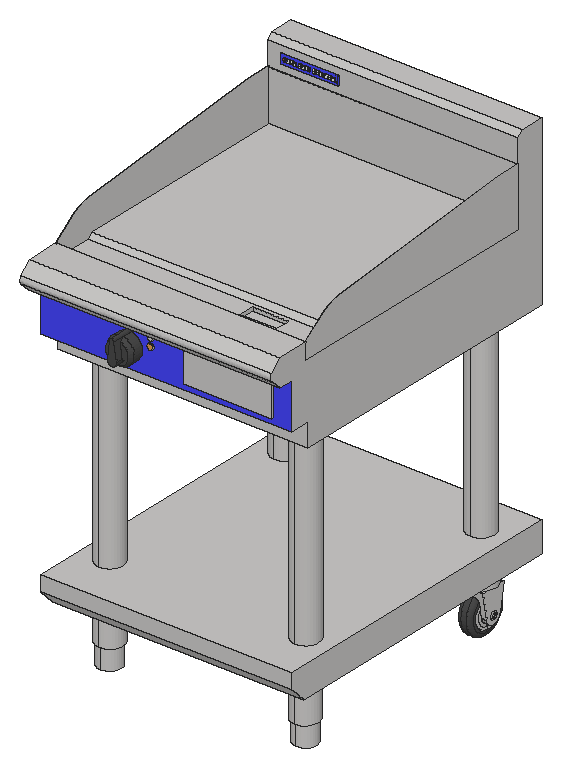
Revit family "QF_MOFFAT_BLUESEAL_CE_EP514-LS", category Specialty Equipment, Revit 2012
Parameters
  Weight in Pounds = 259  # constant formula
  Width [instance] = 600 mm  # constant formula
  Watts = 7200 W
  Volts = 230 V
  URL Cutsheet = "www.moffat.com"
  URL = "www.moffat.com"
  Type Mark [instance] = ""
  Status [instance] = ""
  Specification by User [instance] = ""
  Specification by Manufacturer = ""
  Show Logo [instance] = yes
  Show Casters [instance] = yes
  Serial Number = ""
  Seismic Rating = ""
  SMACNA No = ""
  Revision Code [instance] = ""
  Phase = 1
  Omniclass Number and Title = ""
  Number of Poles = 1
  NAFEM Spec ID Number = ""
  Model = "EP514-LS"
  Min Ckt Ampacity = 0 A
  Max Overcurrent Protection = 0 A
  Masterspec = ""
  Manufacturer = "MOFFAT BLUESEAL"
  Legs [instance] = no
  Item Number [instance] = ""
  Installed By [instance] = ""
  Identify Quantity as Lot [instance] = yes
  Height = 970 mm  # constant formula
  HP = ""
  Furnished By [instance] = ""
  Foodservice Equipment Identifier [instance] = yes
  FL Amps = 30 A
  Elec Conn RI Height = 0 mm
  Elec Conn Connection Height = 0 mm
  Description = "600MM ELECTRIC GRIDDLE PLATE ON LEG STAND"
  Depth [instance] = 812 mm  # constant formula
  Cycle = 50 Hz
  Conn Plug = ""
  Conn Conduit = yes
  CSI MasterFormat = ""
  CSI Master Format = ""
  Back Splash [instance] = 215 mm  # constant formula
  Apparent Power = if(Phase = 3, Volts * FL Amps * 1.73, Volts * FL Amps)  # 6900 VA
Reference planes
  plane 1 "BACK": y = 0
  plane 2: z = 0
  plane 3 "LEFT": x = 0
  plane 4 "RIGHT": x = 600
  plane 5 "FRONT": y = -812
  plane 6 "TOP": z = 970
  plane 7 "Center Y": x = 300
  plane 8 "Center X": y = -406
  plane 9 "Base Height": z = 150
  plane 10: z = 915
  plane 11: x = 65
  plane 12: x = 534
  plane 13: y = -625
  plane 14: y = -100
  plane 15: x = 470
  plane 16: z = 710
  plane 17: y = -32
  plane 18: z = 1085
  plane 19: z = 740
Forms (mm)
  Extrusion 1, solid, material "QF_Finishes_Stainless Steel"
    sketch origin (0, 0, 0) x (0, 1, 0) y (0, 0, 1)
      loop
        line (0, 222.5) -> (-749, 222.5) -> (-749, 186) -> (-713, 150) -> (0, 150) -> (0, 222.5)
      loop
        line (0, 685) -> (0, 1085) -> (-57.5, 1085) -> (-70, 1072.5) -> (-70, 875) -> (-705, 875) -> (-705, 915) -> (-783.97, 915) -> (-808.485, 890.485)
        arc (-808.485, 890.485) -> (-811.999, 882) -> (-808.485, 873.515) r 12
        line (-808.485, 873.515) -> (-784.97, 850) -> (-749, 850) -> (-749, 740) -> (-699, 740) -> (-699, 685) -> (0, 685)
    from 0 to 600
  Revolve 2, solid, material "QF_Finishes_Stainless Steel", visible <- "Legs"
    sketch origin (534, -210, 0) x (0, 1, 0) y (0, 0, -1)
      loop
        line (78.25, -150) -> (110, -150) -> (110, 0) -> (82.5, 0) -> (82.5, -50) -> (78.25, -50) -> (78.25, -150)
      axis (110, -150) -> (110, 0)
    angle from 0 to 360
  Revolve 3, solid, material "QF_Finishes_Stainless Steel"
    sketch origin (534, -735, 0) x (0, 1, 0) y (0, 0, -1)
      loop
        line (78.25, -150) -> (110, -150) -> (110, 0) -> (82.5, 0) -> (82.5, -50) -> (78.25, -50) -> (78.25, -150)
      axis (110, -150) -> (110, 0)
    angle from 0 to 360
  Revolve 4, solid, material "QF_Finishes_Stainless Steel", visible <- "Legs"
    sketch origin (65, -210, 0) x (0, 1, 0) y (0, 0, -1)
      loop
        line (78.25, -150) -> (110, -150) -> (110, 0) -> (82.5, 0) -> (82.5, -50) -> (78.25, -50) -> (78.25, -150)
      axis (110, -150) -> (110, 0)
    angle from 0 to 360
  Revolve 5, solid, material "QF_Finishes_Stainless Steel"
    sketch origin (65, -735, 0) x (0, 1, 0) y (0, 0, -1)
      loop
        line (78.25, -150) -> (110, -150) -> (110, 0) -> (82.5, 0) -> (82.5, -50) -> (78.25, -50) -> (78.25, -150)
      axis (110, -150) -> (110, 0)
    angle from 0 to 360
  Revolve 6, solid, material "QF_Finishes_Black"
    sketch origin (217.5, 7, 597.8) x (0, 1, 0) y (0, 0, -1)
      loop
        line (-789, -229.5) -> (-766, -229.5) -> (-766, -202) -> (-756, -202) -> (-756, -197) -> (-800, -197) -> (-800, -223.651) -> (-789, -229.5)
      axis (-800, -197) -> (-756, -197)
    angle from 0 to 360
  Extrusion 7, solid, material "QF_Finishes_Black"
    sketch origin (355.77, 0, 597.958) x (-1, 0, 0) y (0, 0, -1)
      loop
        line (127.85, -186.037) -> (133.271, -228.955)
        arc (133.271, -228.955) -> (138.27, -233.842) -> (143.268, -228.955) r 5
        line (143.268, -228.955) -> (148.757, -184.87)
        arc (148.757, -184.87) -> (137.685, -174.371) -> (127.85, -186.037) r 10.487
    from 759 to 808
  Extrusion 8, solid, material "QF_Finishes_Stainless Steel"
    sketch origin (0, -749, 866) x (0, 0, -1) y (1, 0, 0)
      loop
        line (25.201, 345) -> (112.1, 345) -> (112.1, 555) -> (25.201, 555) -> (25.201, 345)
    from 0 to 2.5
  Extrusion 9, solid, material "QF_Finishes_Stainless Steel"
    sketch origin (0, -751.5, 866) x (0, 0, -1) y (1, 0, 0)
      loop
        line (32.201, 555) -> (25.201, 555) -> (25.201, 345) -> (32.201, 345) -> (32.201, 555)
    from 0 to 5
  Extrusion 10, void
    sketch origin (0, -756, 740) x (1, 0, 0) y (0, -1, 0)
      loop
        circle (469.998, -724) r 10
    from 0 to 86.329
  Extrusion 11, solid, material "QF_Finishes_Stainless Steel"
    sketch origin (0, -749, 850) x (0, 0, -1) y (1, 0, 0)
      loop
        circle (45.2, 262.505) r 7.15
    from 0 to 1
  Extrusion 12, solid, material "QF_Finishes_Stainless Steel"
    sketch origin (0, 0, 222.5) x (0, -1, 0) y (1, 0, 0)
      loop
        circle (100, 65) r 31.75
      loop
        circle (625, 65) r 31.75
      loop
        circle (100, 535) r 31.75
      loop
        circle (625, 535) r 31.75
    from 0 to 462.5
  Revolve 13, solid, material "QF_Finishes_Stainless Steel", visible <- "Legs"
    sketch origin (65.5, -166, 0) x (0, 1, 0) y (0, 0, 1)
      loop
        line (34.25, 150) -> (34.25, 50) -> (38.5, 50) -> (38.5, 0) -> (66, 0) -> (66, 150) -> (34.25, 150)
      axis (66, 150) -> (66, 0)
    angle from 0 to 360
  Revolve 14, solid, material "QF_Finishes_Stainless Steel", visible <- "Legs"
    sketch origin (534.5, -166, 0) x (0, 1, 0) y (0, 0, -1)
      loop
        line (34.25, -150) -> (66, -150) -> (66, 0) -> (38.5, 0) -> (38.5, -50) -> (34.25, -50) -> (34.25, -150)
      axis (66, -150) -> (66, 0)
    angle from 0 to 360
  Revolve 15, solid, material "QF_Finishes_Stainless Steel", visible <- "Show Casters"
    sketch origin (16.276, -100.755, -13.653) x (1, 0, 0) y (0, 0, 1)
      loop
        line (14.841, 63.604) -> (83.584, 63.604) -> (83.584, 67.109) -> (82.314, 68.379) -> (80.79, 68.379) -> (80.79, 71.826) -> (68.644, 71.826) -> (68.644, 81.79) -> (65.088, 83.843) -> (63.738, 92.179) -> (65.881, 92.179) -> (65.881, 98.529) -> (65.088, 98.529) -> (65.088, 104.879)
        arc (65.088, 104.879) -> (62.298, 111.614) -> (55.563, 114.404) r 9.525
        line (55.563, 114.404) -> (42.863, 114.404)
        arc (42.863, 114.404) -> (36.127, 111.614) -> (33.338, 104.879) r 9.525
        line (33.338, 104.879) -> (33.338, 98.529) -> (32.544, 98.529) -> (32.544, 92.179) -> (34.687, 92.179) -> (33.352, 83.932) -> (29.782, 81.871) -> (29.782, 71.826) -> (17.635, 71.826) -> (17.635, 68.379) -> (16.111, 68.379) -> (14.841, 67.109) -> (14.841, 63.604)
      axis (14.841, 63.604) -> (83.584, 63.604)
    angle from 0 to 360
  Extrusion 16, solid, material "QF_Finishes_Stainless Steel", visible <- "Show Casters"
    sketch origin (72.001, 132.353, -8.783) x (0, 1, 0) y (0, 0, 1)
      loop
        line (-200.603, 118.783) -> (-264.103, 118.783) -> (-251.746, 53.895)
        arc (-251.746, 53.895) -> (-232.353, 38.783) -> (-212.959, 53.895) r 20
        line (-212.959, 53.895) -> (-200.603, 118.783)
    from -35.667 to 22.923
  Revolve 17, solid, material "QF_Finishes_Stainless Steel", visible <- "Show Casters"
    sketch origin (65.5, -204, 0) x (0, 1, 0) y (0, 0, 1)
      loop
        line (68.25, 150) -> (68.25, 110) -> (104, 110) -> (104, 150) -> (68.25, 150)
      axis (104, 150) -> (104, 110)
    angle from 0 to 360
  Revolve 18, solid, material "QF_Finishes_Stainless Steel", visible <- "Legs"
    sketch origin (65.5, -166, 0) x (0, 1, 0) y (0, 0, 1)
      loop
        line (34.25, 150) -> (34.25, 50) -> (38.5, 50) -> (38.5, 0) -> (66, 0) -> (66, 150) -> (34.25, 150)
      axis (66, 150) -> (66, 0)
    angle from 0 to 360
  Revolve 19, solid, material "QF_Finishes_Stainless Steel", visible <- "Show Casters"
    sketch origin (485.276, -100.755, -13.653) x (1, 0, 0) y (0, 0, 1)
      loop
        line (14.841, 63.604) -> (83.584, 63.604) -> (83.584, 67.109) -> (82.314, 68.379) -> (80.79, 68.379) -> (80.79, 71.826) -> (68.644, 71.826) -> (68.644, 81.79) -> (65.088, 83.843) -> (63.738, 92.179) -> (65.881, 92.179) -> (65.881, 98.529) -> (65.088, 98.529) -> (65.088, 104.879)
        arc (65.088, 104.879) -> (62.298, 111.614) -> (55.563, 114.404) r 9.525
        line (55.563, 114.404) -> (42.863, 114.404)
        arc (42.863, 114.404) -> (36.127, 111.614) -> (33.338, 104.879) r 9.525
        line (33.338, 104.879) -> (33.338, 98.529) -> (32.544, 98.529) -> (32.544, 92.179) -> (34.687, 92.179) -> (33.352, 83.932) -> (29.782, 81.871) -> (29.782, 71.826) -> (17.635, 71.826) -> (17.635, 68.379) -> (16.111, 68.379) -> (14.841, 67.109) -> (14.841, 63.604)
      axis (14.841, 63.604) -> (83.584, 63.604)
    angle from 0 to 360
  Extrusion 20, solid, material "QF_Finishes_Stainless Steel", visible <- "Show Casters"
    sketch origin (541.001, 132.353, -8.783) x (0, 1, 0) y (0, 0, 1)
      loop
        line (-200.603, 118.783) -> (-264.103, 118.783) -> (-251.746, 53.895)
        arc (-251.746, 53.895) -> (-232.353, 38.783) -> (-212.959, 53.895) r 20
        line (-212.959, 53.895) -> (-200.603, 118.783)
    from -35.667 to 22.923
  Revolve 21, solid, material "QF_Finishes_Stainless Steel", visible <- "Show Casters"
    sketch origin (534.5, -204, 0) x (0, 1, 0) y (0, 0, 1)
      loop
        line (68.25, 150) -> (68.25, 110) -> (104, 110) -> (104, 150) -> (68.25, 150)
      axis (104, 150) -> (104, 110)
    angle from 0 to 360
  Extrusion 22, solid, material "QF_Finishes_Stainless Steel"
    sketch origin (0, -749, 850) x (0, 0, -1) y (1, 0, 0)
      loop
        circle (25.2, 262.505) r 7.15
    from 0 to 1
Cuts and joins
  joined: Extrusion 8, Extrusion 9
  Extrusion 10 cuts Extrusion 1
Lines and regions (mm)
  Split face 1
    outline origin (340, -751.5, 753.9) x (1, 0, 0) y (0, 0, 1)
      loop
        arc (117, 69) -> (121, 73) -> (117, 77) r 4
        line (117, 77) -> (103, 77)
        arc (103, 77) -> (99, 73) -> (103, 69) r 4
        line (103, 69) -> (117, 69)
  Split face 2
    outline origin (600, 0, 1085) x (-1, 0, 0) y (0, -1, 0)
      loop
        arc (324, 45.385) -> (315.34, 40.385) -> (315.34, 30.385) r 10
        line (315.34, 30.385) -> (319.381, 23.385)
        arc (319.381, 23.385) -> (323.041, 19.725) -> (328.041, 18.385) r 10
        line (328.041, 18.385) -> (556, 18.385)
        arc (556, 18.385) -> (564.66, 23.385) -> (564.66, 33.385) r 10
        line (564.66, 33.385) -> (560.619, 40.385)
        arc (560.619, 40.385) -> (556.959, 44.045) -> (551.959, 45.385) r 10
        line (551.959, 45.385) -> (324, 45.385)
  Split face 3
    outline origin (600, 0, 1085) x (-1, 0, 0) y (0, -1, 0)
      loop
        arc (34, 45.385) -> (25.34, 40.385) -> (25.34, 30.385) r 10
        line (25.34, 30.385) -> (29.381, 23.385)
        arc (29.381, 23.385) -> (33.041, 19.725) -> (38.041, 18.385) r 10
        line (38.041, 18.385) -> (266, 18.385)
        arc (266, 18.385) -> (274.66, 23.385) -> (274.66, 33.385) r 10
        line (274.66, 33.385) -> (270.619, 40.385)
        arc (270.619, 40.385) -> (266.959, 44.045) -> (261.959, 45.385) r 10
        line (261.959, 45.385) -> (34, 45.385)
  symbolic lines
    curve 1: line (0, 0, 0) -> (0, -812, 0)
    curve 2: line (600, 0, 0) -> (0, 0, 0)
    curve 3: line (600, -812, 0) -> (600, 0, 0)
    curve 4: line (0, -70, 0) -> (600, -70, 0)
    curve 5: line (0, -812, 0) -> (600, -812, 0)
    curve 14: line (0, -57.5, 0) -> (600, -57.5, 0)
    curve 15: line (0, -783.97, 0) -> (600, -783.97, 0)
    curve 16: line (334, -18.385, 0) -> (561.959, -18.385, 0)
    curve 17: arc (561.959, -18.385, 0) -> (566.959, -19.725, 0) -> (570.619, -23.385, 0) r 10
    curve 18: line (570.619, -23.385, 0) -> (574.66, -30.385, 0)
    curve 19: arc (574.66, -30.385, 0) -> (574.66, -40.385, 0) -> (566, -45.385, 0) r 10
    curve 20: line (566, -45.385, 0) -> (338.041, -45.385, 0)
    curve 21: arc (338.041, -45.385, 0) -> (333.041, -44.045, 0) -> (329.381, -40.385, 0) r 10
    curve 22: line (329.381, -40.385, 0) -> (325.34, -33.385, 0)
    curve 23: arc (325.34, -33.385, 0) -> (325.34, -23.385, 0) -> (334, -18.385, 0) r 10
    curve 24: line (44, -18.385, 0) -> (271.959, -18.385, 0)
    curve 25: arc (271.959, -18.385, 0) -> (276.959, -19.725, 0) -> (280.619, -23.385, 0) r 10
    curve 26: line (280.619, -23.385, 0) -> (284.66, -30.385, 0)
    curve 27: arc (284.66, -30.385, 0) -> (284.66, -40.385, 0) -> (276, -45.385, 0) r 10
    curve 28: line (276, -45.385, 0) -> (48.041, -45.385, 0)
    curve 29: arc (48.041, -45.385, 0) -> (43.041, -44.045, 0) -> (39.381, -40.385, 0) r 10
    curve 30: line (39.381, -40.385, 0) -> (35.34, -33.385, 0)
    curve 31: arc (35.34, -33.385, 0) -> (35.34, -23.385, 0) -> (44, -18.385, 0) r 10
  symbolic lines, style "SpecialityEquipmentHiddenLines", visible <- "Show Casters"
    curve 6: line (78.456, -46.735, 0) -> (105.952, -62.61, 0)
    curve 7: line (27.656, -134.723, 0) -> (78.456, -46.735, 0)
    curve 8: line (55.152, -150.598, 0) -> (27.656, -134.723, 0)
    curve 9: line (105.952, -62.61, 0) -> (55.152, -150.598, 0)
    curve 10: line (548.456, -46.735, 0) -> (575.952, -62.61, 0)
    curve 11: line (497.656, -134.723, 0) -> (548.456, -46.735, 0)
    curve 12: line (525.152, -150.598, 0) -> (497.656, -134.723, 0)
    curve 13: line (575.952, -62.61, 0) -> (525.152, -150.598, 0)
Dimensions and locks
  equal spacing: plane 3 "LEFT", plane 7 "Center Y", plane 4 "RIGHT"
  "Width": plane 3 "LEFT" to plane 4 "RIGHT"
  equal spacing: plane 5 "FRONT", plane 8 "Center X", plane 1 "BACK"
  "Depth": plane 5 "FRONT" to plane 1 "BACK"
  locked: plane 10 to level at 915
  locked: plane 9 "Base Height" to level at 150
  plane 6 "TOP" to plane 10 = 55 mm
  plane 13 to plane 14 = 525 mm
  plane 12 to plane 11 = 469 mm
  plane 15 to plane 4 "RIGHT" = 130 mm
  plane 16 to level = 710 mm
  plane 17 to plane 1 "BACK" = 32 mm
  plane 18 to plane 2 = 1085 mm
  Revolve 15 sketch curve to Revolve 15 sketch curve = 50.8 mm
  Revolve 19 sketch curve to Revolve 19 sketch curve = 50.8 mm
  Extrusion 10 sketch curve to plane 1 "BACK" = 32 mm
  plane 19 to plane 2 = 740 mm
  aligned and locked: level to plane 2
Automatic sketch dimensions
  plane 1 "BACK" to curve 1 = 0 mm
  curve 1 to plane 3 "LEFT" = 0 mm
  curve 3 to plane 4 "RIGHT" = 0 mm
  plane 5 "FRONT" to curve 5 = 0 mm
  Extrusion 1 sketch curve to plane 1 "BACK" = 0 mm  (x2)
  Extrusion 1 sketch curve to Extrusion 1 sketch curve = 72.5 mm
  Extrusion 1 sketch curve to plane 10 = 230 mm
  Revolve 2 sketch curve to plane 9 "Base Height" = 0 mm
  Revolve 2 sketch curve to level = 0 mm
  Revolve 2 sketch curve to plane 14 = 0 mm  (x2)
  Revolve 2 sketch curve to plane 14 = 27.5 mm
  Revolve 2 sketch curve to plane 14 = 31.75 mm
  level to Revolve 2 sketch curve = 50 mm
  Revolve 2 sketch curve to Revolve 2 sketch curve = 0 mm
  Revolve 2 sketch curve to Revolve 2 sketch curve = 55 mm
  Revolve 3 sketch curve to plane 9 "Base Height" = 0 mm
  Revolve 3 sketch curve to level = 0 mm
  Revolve 3 sketch curve to plane 13 = 0 mm  (x2)
  Revolve 3 sketch curve to plane 13 = 27.5 mm
  Revolve 3 sketch curve to plane 13 = 31.75 mm
  level to Revolve 3 sketch curve = 50 mm
  Revolve 3 sketch curve to Revolve 3 sketch curve = 0 mm
  Revolve 3 sketch curve to Revolve 3 sketch curve = 55 mm
  Revolve 4 sketch curve to plane 9 "Base Height" = 0 mm
  Revolve 4 sketch curve to level = 0 mm
  Revolve 4 sketch curve to plane 14 = 0 mm  (x2)
  Revolve 4 sketch curve to plane 14 = 27.5 mm
  Revolve 4 sketch curve to plane 14 = 31.75 mm
  level to Revolve 4 sketch curve = 50 mm
  Revolve 4 sketch curve to Revolve 4 sketch curve = 0 mm
  Revolve 4 sketch curve to Revolve 4 sketch curve = 55 mm
  Revolve 5 sketch curve to plane 9 "Base Height" = 0 mm
  Revolve 5 sketch curve to level = 0 mm
  Revolve 5 sketch curve to plane 13 = 0 mm  (x2)
  Revolve 5 sketch curve to plane 13 = 27.5 mm
  Revolve 5 sketch curve to plane 13 = 31.75 mm
  level to Revolve 5 sketch curve = 50 mm
  Revolve 5 sketch curve to Revolve 5 sketch curve = 0 mm
  Revolve 5 sketch curve to Revolve 5 sketch curve = 55 mm
  Revolve 6 sketch curve to plane 5 "FRONT" = 19 mm
  Revolve 6 sketch curve to Revolve 6 sketch curve = 0 mm  (x2)
  Revolve 6 sketch curve to Revolve 6 sketch curve = 11 mm
  Revolve 6 sketch curve to Revolve 6 sketch curve = 12.7 mm
  Revolve 6 sketch curve to Revolve 6 sketch curve = 23 mm
  Revolve 6 sketch curve to Revolve 6 sketch curve = 10 mm
  plane 9 "Base Height" to Revolve 6 sketch curve = 677.3 mm
  Revolve 6 sketch curve to Revolve 6 sketch curve = 5.849 mm
  Revolve 6 sketch curve to Revolve 6 sketch curve = 27.5 mm
  Revolve 6 sketch curve to Revolve 6 sketch curve = 5 mm
  Extrusion 9 sketch curve to Extrusion 8 = 0 mm  (x2)
  Extrusion 8 to Extrusion 9 sketch curve = 0 mm
  Extrusion 9 sketch curve to Extrusion 8 = 7 mm
  Extrusion 1 sketch curve to plane 10 = 40 mm
  Extrusion 1 sketch curve to plane 13 = 80 mm
  Extrusion 1 sketch curve to plane 5 "FRONT" = 27.03 mm
  Extrusion 1 sketch curve to plane 5 "FRONT" = 3.515 mm  (x2)
  Extrusion 1 sketch curve to Extrusion 1 sketch curve = 35.97 mm
  Extrusion 1 sketch curve to Extrusion 1 sketch curve = 25 mm
  Extrusion 1 sketch curve to Extrusion 1 sketch curve = 23.515 mm
  plane 16 to Extrusion 1 sketch curve = 30 mm
  Extrusion 1 sketch curve to Extrusion 1 sketch curve = 8.485 mm  (x2)
  Extrusion 1 sketch curve to plane 5 "FRONT" = 28.03 mm
  Extrusion 1 sketch curve to plane 10 = 0 mm
  Extrusion 1 sketch curve to Extrusion 1 sketch curve = 50 mm
  Extrusion 1 sketch curve to Extrusion 1 sketch curve = 12.5 mm
  Extrusion 1 sketch curve to plane 18 = 12.5 mm
  Extrusion 1 sketch curve to plane 18 = 0 mm
  plane 14 to Extrusion 1 sketch curve = 30 mm
  Extrusion 8 sketch curve to plane 12 = 21 mm
  Extrusion 8 sketch curve to plane 10 = 74.201 mm
  plane 16 to Extrusion 8 sketch curve = 43.9 mm
  plane 7 "Center Y" to Extrusion 8 sketch curve = 45 mm
  Extrusion 10 sketch curve to plane 15 = 0.002 mm
  Extrusion 7 sketch curve to plane 7 "Center Y" = 72.081 mm
  Extrusion 7 sketch curve to Extrusion 7 sketch curve = 5.421 mm
  Extrusion 7 sketch curve to Extrusion 7 sketch curve = 10.419 mm
  Extrusion 7 sketch curve to Extrusion 7 sketch curve = 4.999 mm  (x2)
  Extrusion 7 sketch curve to Extrusion 7 sketch curve = 10.487 mm
  Extrusion 7 sketch curve to plane 10 = 88.087 mm
  Extrusion 7 sketch curve to Extrusion 7 sketch curve = 0.113 mm
  Extrusion 7 sketch curve to Extrusion 7 sketch curve = 42.919 mm
  Extrusion 7 sketch curve to Extrusion 7 sketch curve = 1.167 mm
  Extrusion 1 sketch curve to plane 9 "Base Height" = 0 mm
  Extrusion 1 sketch curve to plane 5 "FRONT" = 63 mm
  Extrusion 1 sketch curve to Extrusion 1 sketch curve = 36 mm
  plane 9 "Base Height" to Extrusion 1 sketch curve = 36 mm
  curve 9 to plane 11 = 9.848 mm
  plane 11 to curve 7 = 13.456 mm
  curve 6 to curve 9 = 27.496 mm
  plane 12 to curve 13 = 8.848 mm
  curve 11 to plane 12 = 14.456 mm
  plane 4 "RIGHT" to curve 13 = 24.048 mm
  curve 12 to curve 12 = 15.875 mm
  curve 8 to curve 8 = 15.875 mm
  curve 4 to curve 10 = 7.39 mm
  curve 7 to plane 17 = 14.735 mm
  curve 10 to plane 17 = 14.735 mm
  Extrusion 12 sketch curve to Extrusion 12 sketch curve = 0 mm  (x8)
  Extrusion 12 sketch curve to plane 11 = 0 mm  (x2)
  Extrusion 12 sketch curve to plane 14 = 0 mm  (x2)
  Extrusion 12 sketch curve to plane 13 = 0 mm  (x2)
  Extrusion 12 sketch curve to plane 12 = 1 mm  (x2)
  plane 14 to Extrusion 12 sketch curve = 31.75 mm  (x2)
  plane 13 to Extrusion 12 sketch curve = 31.75 mm  (x2)
  Revolve 13 sketch curve to plane 9 "Base Height" = 0 mm
  Revolve 13 sketch curve to level = 0 mm
  Revolve 13 sketch curve to plane 14 = 0 mm  (x2)
  Revolve 13 sketch curve to plane 14 = 27.5 mm
  Revolve 13 sketch curve to plane 14 = 31.75 mm
  Revolve 13 sketch curve to Revolve 13 sketch curve = 55 mm
  level to Revolve 13 sketch curve = 50 mm
  Revolve 13 sketch curve to Revolve 13 sketch curve = 0 mm
  Revolve 14 sketch curve to plane 9 "Base Height" = 0 mm
  Revolve 14 sketch curve to level = 0 mm
  Revolve 14 sketch curve to plane 14 = 0 mm  (x2)
  Revolve 14 sketch curve to plane 14 = 27.5 mm
  Revolve 14 sketch curve to plane 14 = 31.75 mm
  level to Revolve 14 sketch curve = 50 mm
  Revolve 14 sketch curve to Revolve 14 sketch curve = 0 mm
  Revolve 14 sketch curve to Revolve 14 sketch curve = 55 mm
  plane 3 "LEFT" to Revolve 15 sketch curve = 31.118 mm
  Revolve 15 sketch curve to Revolve 15 sketch curve = 1.27 mm  (x4)
  Revolve 15 sketch curve to Revolve 15 sketch curve = 1.524 mm  (x2)
  Revolve 15 sketch curve to Revolve 15 sketch curve = 12.146 mm  (x2)
  Revolve 15 sketch curve to plane 11 = 16.18 mm
  Revolve 15 sketch curve to Revolve 15 sketch curve = 0.794 mm  (x2)
  Revolve 15 sketch curve to Revolve 15 sketch curve = 3.57 mm
  Revolve 15 sketch curve to Revolve 15 sketch curve = 2.143 mm
  Revolve 15 sketch curve to plane 11 = 5.861 mm
  plane 11 to Revolve 15 sketch curve = 5.63 mm
  plane 11 to Revolve 15 sketch curve = 6.839 mm
  plane 11 to Revolve 15 sketch curve = 15.015 mm
  Revolve 15 sketch curve to Revolve 15 sketch curve = 1.349 mm  (x2)
  Revolve 15 sketch curve to Revolve 15 sketch curve = 3.556 mm
  Revolve 15 sketch curve to Revolve 15 sketch curve = 33.32 mm
  level to Revolve 15 sketch curve = 49.952 mm
  Revolve 15 sketch curve to Revolve 15 sketch curve = 0 mm
  Revolve 15 sketch curve to Revolve 15 sketch curve = 3.505 mm  (x2)
  Revolve 15 sketch curve to Revolve 15 sketch curve = 3.447 mm  (x2)
  Revolve 15 sketch curve to Revolve 15 sketch curve = 9.964 mm
  Revolve 15 sketch curve to Revolve 15 sketch curve = 10.045 mm
  Revolve 15 sketch curve to Revolve 15 sketch curve = 2.053 mm
  Revolve 15 sketch curve to Revolve 15 sketch curve = 2.061 mm
  Revolve 15 sketch curve to Revolve 15 sketch curve = 8.247 mm
  Revolve 15 sketch curve to Revolve 15 sketch curve = 8.336 mm
  Revolve 15 sketch curve to Revolve 15 sketch curve = 6.35 mm  (x2)
  Extrusion 16 sketch curve to plane 14 = 0 mm
  Extrusion 16 sketch curve to plane 14 = 19.393 mm
  Extrusion 16 sketch curve to plane 14 = 31.75 mm
  plane 14 to Extrusion 16 sketch curve = 19.393 mm
  plane 14 to Extrusion 16 sketch curve = 31.75 mm
  level to Extrusion 16 sketch curve = 45.111 mm
  Extrusion 16 sketch curve to Extrusion 16 sketch curve = 4.889 mm
  Extrusion 16 sketch curve to plane 9 "Base Height" = 40 mm
  Revolve 17 sketch curve to plane 9 "Base Height" = 0 mm
  Revolve 17 sketch curve to plane 14 = 0 mm  (x2)
  Revolve 17 sketch curve to plane 14 = 35.75 mm
  Revolve 17 sketch curve to plane 9 "Base Height" = 40 mm
  level to Revolve 17 sketch curve = 50 mm
  Revolve 17 sketch curve to level = 55 mm
  Revolve 18 sketch curve to plane 9 "Base Height" = 0 mm
  Revolve 18 sketch curve to level = 0 mm
  Revolve 18 sketch curve to plane 14 = 0 mm  (x2)
  Revolve 18 sketch curve to plane 14 = 27.5 mm
  Revolve 18 sketch curve to Revolve 18 sketch curve = 31.75 mm
  Revolve 18 sketch curve to Revolve 18 sketch curve = 55 mm
  level to Revolve 18 sketch curve = 50 mm
  Revolve 18 sketch curve to Revolve 18 sketch curve = 0 mm
  plane 15 to Revolve 19 sketch curve = 30.118 mm
  Revolve 19 sketch curve to Revolve 19 sketch curve = 1.27 mm  (x4)
  Revolve 19 sketch curve to Revolve 19 sketch curve = 1.524 mm  (x2)
  Revolve 19 sketch curve to Revolve 19 sketch curve = 12.146 mm  (x2)
  plane 12 to Revolve 19 sketch curve = 16.18 mm
  Revolve 19 sketch curve to Revolve 19 sketch curve = 0.794 mm  (x2)
  Revolve 19 sketch curve to Revolve 19 sketch curve = 3.57 mm
  Revolve 19 sketch curve to Revolve 19 sketch curve = 2.143 mm
  plane 12 to Revolve 19 sketch curve = 5.861 mm
  Revolve 19 sketch curve to plane 12 = 5.63 mm
  Revolve 19 sketch curve to plane 12 = 6.839 mm
  Revolve 19 sketch curve to plane 12 = 15.015 mm
  Revolve 19 sketch curve to Revolve 19 sketch curve = 1.349 mm  (x2)
  Revolve 19 sketch curve to Revolve 19 sketch curve = 3.556 mm
  Revolve 19 sketch curve to plane 4 "RIGHT" = 2.18 mm
  level to Revolve 19 sketch curve = 49.952 mm
  Revolve 19 sketch curve to Revolve 19 sketch curve = 0 mm
  Revolve 19 sketch curve to Revolve 19 sketch curve = 3.505 mm  (x2)
  Revolve 19 sketch curve to Revolve 19 sketch curve = 3.447 mm  (x2)
  Revolve 19 sketch curve to Revolve 19 sketch curve = 9.964 mm
  Revolve 19 sketch curve to Revolve 19 sketch curve = 10.045 mm
  Revolve 19 sketch curve to Revolve 19 sketch curve = 2.053 mm
  Revolve 19 sketch curve to Revolve 19 sketch curve = 2.061 mm
  Revolve 19 sketch curve to Revolve 19 sketch curve = 8.247 mm
  Revolve 19 sketch curve to Revolve 19 sketch curve = 8.336 mm
  Revolve 19 sketch curve to Revolve 19 sketch curve = 6.35 mm  (x2)
  Extrusion 20 sketch curve to plane 14 = 0 mm
  Extrusion 20 sketch curve to plane 14 = 19.393 mm
  Extrusion 20 sketch curve to plane 14 = 31.75 mm
  plane 14 to Extrusion 20 sketch curve = 19.393 mm
  plane 14 to Extrusion 20 sketch curve = 31.75 mm
  level to Extrusion 20 sketch curve = 45.111 mm
  Extrusion 20 sketch curve to Extrusion 20 sketch curve = 4.889 mm
  Extrusion 20 sketch curve to plane 9 "Base Height" = 40 mm
  Revolve 21 sketch curve to plane 9 "Base Height" = 0 mm
  Revolve 21 sketch curve to plane 14 = 0 mm  (x2)
  Revolve 21 sketch curve to Revolve 21 sketch curve = 35.75 mm
  Revolve 21 sketch curve to plane 9 "Base Height" = 40 mm
  level to Revolve 21 sketch curve = 50 mm
  Revolve 21 sketch curve to level = 55 mm
  Extrusion 1 to Extrusion 22 sketch curve = 25.2 mm
  Extrusion 1 to Extrusion 22 sketch curve = 262.505 mm
  Extrusion 1 to Extrusion 11 sketch curve = 45.2 mm
  Extrusion 1 to Extrusion 11 sketch curve = 262.505 mm
  cut or joined group of Extrusion 8, Extrusion 9 to Split face 1 sketch curve = 10.899 mm
  Split face 1 sketch curve to cut or joined group of Extrusion 8, Extrusion 9 = 98 mm
  Split face 1 sketch curve to Split face 1 sketch curve = 14 mm
  Split face 1 sketch curve to Split face 1 sketch curve = 4 mm
  curve 4 to curve 14 = 12.5 mm
  curve 15 to plane 5 "FRONT" = 28.03 mm
  Split face 2 sketch curve to cut or joined group of Extrusion 1, Extrusion 10 = 27.115 mm
  Split face 2 sketch curve to cut or joined group of Extrusion 1, Extrusion 10 = 284.66 mm
  Split face 2 sketch curve to cut or joined group of Extrusion 1, Extrusion 10 = 23.385 mm
  Split face 2 sketch curve to Split face 2 sketch curve = 4.041 mm  (x4)
  Split face 2 sketch curve to Split face 2 sketch curve = 8.66 mm  (x2)
  Split face 2 sketch curve to cut or joined group of Extrusion 1, Extrusion 10 = 22.115 mm
  Split face 2 sketch curve to cut or joined group of Extrusion 1, Extrusion 10 = 48.041 mm
  Split face 2 sketch curve to cut or joined group of Extrusion 1, Extrusion 10 = 17.115 mm
  Split face 2 sketch curve to Split face 2 sketch curve = 17 mm
  Split face 2 sketch curve to Split face 2 sketch curve = 7 mm
  Split face 3 sketch curve to cut or joined group of Extrusion 1, Extrusion 10 = 25.34 mm
  Split face 3 sketch curve to Split face 3 sketch curve = 4.041 mm  (x4)
  Split face 3 sketch curve to Split face 3 sketch curve = 8.66 mm  (x2)
  Split face 3 sketch curve to cut or joined group of Extrusion 1, Extrusion 10 = 22.115 mm
  Split face 3 sketch curve to Split face 3 sketch curve = 223.917 mm
  Split face 3 sketch curve to cut or joined group of Extrusion 1, Extrusion 10 = 17.115 mm
  Split face 3 sketch curve to Split face 3 sketch curve = 10 mm
  Split face 3 sketch curve to Split face 3 sketch curve = 7 mm  (x3)
  curve 22 to plane 17 = 1.385 mm
  plane 7 "Center Y" to curve 22 = 25.34 mm
  curve 23 to curve 21 = 4.041 mm  (x2)
  plane 17 to curve 16 = 13.615 mm
  curve 23 to curve 16 = 8.66 mm
  curve 21 to plane 17 = 3.385 mm
  plane 17 to curve 17 = 3.615 mm
  curve 10 to curve 17 = 13.503 mm
  curve 17 to curve 20 = 4.041 mm
  plane 17 to curve 18 = 8.615 mm
  plane 17 to curve 18 = 1.615 mm
  curve 18 to curve 18 = 4.041 mm
  curve 19 to plane 17 = 13.385 mm
  curve 31 to plane 17 = 1.385 mm
  curve 31 to plane 11 = 29.66 mm
  curve 30 to plane 17 = 8.385 mm
  curve 31 to curve 30 = 4.041 mm
  plane 17 to curve 24 = 13.615 mm
  curve 31 to curve 24 = 8.66 mm
  curve 29 to plane 17 = 3.385 mm
  curve 31 to curve 29 = 4.041 mm
  curve 25 to plane 7 "Center Y" = 28.041 mm
  curve 25 to curve 28 = 4.041 mm
  plane 17 to curve 25 = 8.615 mm
  curve 25 to curve 25 = 8.66 mm
  plane 17 to curve 26 = 1.615 mm
  curve 25 to curve 26 = 4.041 mm
  radius of Extrusion 10 sketch curve = 10 mm
  radius of Extrusion 22 sketch curve = 7.15 mm
  radius of Extrusion 11 sketch curve = 7.15 mm
Nested families
  nested 1: "ELECTRIC GRIDDLE PLATE" at (0, -70, 874.5), type "ELECTRIC GRIDDLE PLATE"
    with Type Mark "", Status "", Specification by User "", Revision Code "", Item Number "", Installed By "", Identify Quantity as Lot yes, Furnished By "", Foodservice Equipment Identifier yes
  nested 2: "WALDORF LOGO_FACE BASE" at (32, -70, 1056.885) x (1, 0, 0) z (0, -1, 0), visible <- "Show Logo", type "WALDORF LOGO_FACE BASE", detail levels medium+fine
    with Show Logo yes
Connectors
  electrical at (469.998, -32, 740), driven by "Volts", driven by "Watts"
    settings: on cut or joined group of Extrusion 1, Extrusion 10, index 1, voltage 230 V, apparent load 7200 VA, apparent load phase1 0 VA, apparent load phase2 0 VA, apparent load phase3 0 VA, power factor 1, load classification "Other", number of poles 1, system type 30, power factor state 1, is connector primary yes, connector utility no, sub classification motor no, connector description "ELECTRICAL CONNECTION"
Definition of nested family "ELECTRIC GRIDDLE PLATE"
  Parameters (values of type "ELECTRIC GRIDDLE PLATE")
    Weight in Pounds = 0
    URL Cutsheet = ""
    Type Mark [instance] = ""
    Status [instance] = ""
    Specification by User [instance] = ""
    Specification by Manufacturer = ""
    Serial Number = ""
    Seismic Rating = ""
    SMACNA No = ""
    Revision Code [instance] = ""
    Omniclass Number and Title = ""
    NAFEM Spec ID Number = ""
    Masterspec = ""
    Item Number [instance] = ""
    Installed By [instance] = ""
    Identify Quantity as Lot [instance] = yes
    Furnished By [instance] = ""
    Foodservice Equipment Identifier [instance] = yes
    CSI MasterFormat = ""
    CSI Master Format = ""
  Reference planes
    plane 1 "BACK": y = 0
    plane 2: z = 0
    plane 3 "LEFT": x = 0
    plane 4 "RIGHT": x = 600
    plane 5 "FRONT": y = -635
    plane 6 "TOP": z = 142.5
    plane 7 "Center Y": x = 300
    plane 8 "Center X": y = -317.5
  Forms (mm)
    Extrusion 1, solid, material "QF_Finishes_Stainless Steel"
      sketch origin (0, 70.003, -874.5) x (0, 1, 0) y (0, 0, 1)
        loop
          line (-70, 875) -> (-70, 1017) -> (-127.048, 1017) -> (-605.133, 971.023)
          arc (-605.133, 971.023) -> (-630.16, 965.303) -> (-652.906, 953.399) r 100
          line (-652.906, 953.399) -> (-705.003, 916.5) -> (-705.003, 875) -> (-70, 875)
      from 0 to 1.8
    Extrusion 2, solid, material "QF_Finishes_Stainless Steel"
      sketch origin (600, 70.003, -874.5) x (0, -1, 0) y (0, 0, 1)
        loop
          line (127.048, 1017) -> (70, 1017) -> (70, 875) -> (705.003, 875) -> (705.003, 916.5) -> (652.906, 953.399)
          arc (652.906, 953.399) -> (630.16, 965.303) -> (605.133, 971.023) r 100
          line (605.133, 971.023) -> (127.048, 1017)
      from 0 to 1.2
    Extrusion 3, solid, material "QF_Finishes_Stainless Steel"
      sketch origin (150, 70.003, -874.5) x (0, 1, 0) y (0, 0, 1)
        loop
          line (-70, 895) -> (-601, 895) -> (-611.5, 884.5) -> (-704.403, 884.5) -> (-704.403, 875) -> (-70, 875) -> (-70, 895)
      from -148.2 to 448.8
    Extrusion 4, void
      sketch origin (150, -541.497, 10) x (0, -1, 0) y (1, 0, 0)
        loop
          line (10.495, 344.25) -> (10.495, 255.75) -> (48.995, 255.75) -> (48.995, 344.25) -> (10.495, 344.25)
      from -41.4 to 40.142
    Extrusion 5, solid, material "QF_Finishes_Stainless Steel"
      sketch origin (150, 0.003, 211.574) x (0, 0, -1) y (1, 0, 0)
        loop
          line (69.074, -148.2) -> (191.074, -148.2) -> (191.074, 448.8) -> (69.074, 448.8) -> (69.074, -148.2)
      from 0 to 1.683
  Cuts and joins
    Extrusion 4 cuts Extrusion 3
  Lines and regions (mm)
    symbolic lines
      curve 1: line (598.8, -531.597, 0) -> (1.8, -531.597, 0)
      curve 2: line (1.8, -542.097, 0) -> (598.8, -542.097, 0)
      curve 3: line (405.75, -552.097, 0) -> (405.75, -590.597, 0)
      curve 4: line (405.75, -590.597, 0) -> (494.25, -590.597, 0)
      curve 5: line (494.25, -590.597, 0) -> (494.25, -552.097, 0)
      curve 6: line (494.25, -552.097, 0) -> (405.75, -552.097, 0)
      curve 7: line (1.8, -1.68, 0) -> (598.8, -1.68, 0)
      curve 8: line (598.8, -1.68, 0) -> (598.8, -635, 0)
      curve 9: line (1.8, -635, 0) -> (1.8, -1.68, 0)
      curve 10: line (1.8, -635, 0) -> (598.8, -635, 0)
  Dimensions and locks
    equal spacing: plane 3 "LEFT", plane 7 "Center Y", plane 4 "RIGHT"
    plane 3 "LEFT" to plane 4 "RIGHT" = 600 mm
    equal spacing: plane 5 "FRONT", plane 8 "Center X", plane 1 "BACK"
    plane 5 "FRONT" to plane 1 "BACK" = 635 mm
    aligned and locked: level to plane 2
  Automatic sketch dimensions
    plane 1 "BACK" to Extrusion 1 sketch curve = 635 mm
    level to Extrusion 1 sketch curve = 0.5 mm
    plane 1 "BACK" to Extrusion 3 sketch curve = 634.4 mm
    level to Extrusion 3 sketch curve = 10 mm
    plane 1 "BACK" to Extrusion 3 sketch curve = 541.497 mm
    Extrusion 3 sketch curve to Extrusion 3 sketch curve = 10.5 mm
    level to Extrusion 3 sketch curve = 0.5 mm
    Extrusion 3 sketch curve to Extrusion 3 sketch curve = 531 mm
    level to Extrusion 3 sketch curve = 20.5 mm
    Extrusion 3 to Extrusion 4 sketch curve = 10.495 mm
    Extrusion 4 sketch curve to Extrusion 4 sketch curve = 38.5 mm
    Extrusion 3 to Extrusion 4 sketch curve = 193.05 mm
    Extrusion 3 to Extrusion 4 sketch curve = 104.55 mm
    plane 3 "LEFT" to Extrusion 5 sketch curve = 598.8 mm
    Extrusion 5 sketch curve to plane 6 "TOP" = 0 mm
    level to Extrusion 5 sketch curve = 20.5 mm
    Extrusion 5 sketch curve to Extrusion 5 sketch curve = 597 mm
    plane 5 "FRONT" to curve 10 = 0 mm
    plane 3 "LEFT" to curve 1 = 1.8 mm
    curve 4 to plane 5 "FRONT" = 44.403 mm
    plane 4 "RIGHT" to curve 4 = 194.25 mm
    plane 4 "RIGHT" to curve 5 = 105.75 mm
    plane 4 "RIGHT" to curve 8 = 1.2 mm
    curve 3 to curve 3 = 38.5 mm
    curve 9 to curve 2 = 92.903 mm
    curve 2 to curve 1 = 10.5 mm
    plane 1 "BACK" to curve 9 = 1.68 mm
    Extrusion 1 sketch curve to Extrusion 1 sketch curve = 41.5 mm
    Extrusion 1 sketch curve to plane 6 "TOP" = 0 mm
    Extrusion 1 sketch curve to plane 5 "FRONT" = 52.097 mm
    Extrusion 1 sketch curve to plane 6 "TOP" = 45.977 mm
    Extrusion 1 sketch curve to Extrusion 1 sketch curve = 47.773 mm
    Extrusion 1 sketch curve to level = 3.016 mm
    Extrusion 1 sketch curve to Extrusion 1 sketch curve = 9.585 mm
    plane 1 "BACK" to Extrusion 1 sketch curve = 57.045 mm
    Extrusion 1 sketch curve to plane 1 "BACK" = 0.003 mm
    Extrusion 2 sketch curve to plane 6 "TOP" = 0 mm
    Extrusion 2 sketch curve to plane 1 "BACK" = 0.003 mm
    plane 1 "BACK" to Extrusion 2 sketch curve = 57.045 mm
    Extrusion 2 sketch curve to level = 3.016 mm
    Extrusion 2 sketch curve to plane 5 "FRONT" = 109.455 mm
    Extrusion 2 sketch curve to plane 6 "TOP" = 45.977 mm
    Extrusion 2 sketch curve to plane 5 "FRONT" = 99.87 mm
    Extrusion 2 sketch curve to Extrusion 2 sketch curve = 47.773 mm
    plane 5 "FRONT" to Extrusion 2 sketch curve = 0 mm
    level to Extrusion 2 sketch curve = 0.5 mm
    Extrusion 2 sketch curve to Extrusion 2 sketch curve = 41.5 mm
Definition of nested family "WALDORF LOGO_FACE BASE"
  Parameters (values of type "WALDORF LOGO_FACE BASE")
    Show Logo [instance] = yes
    Default Elevation = 1219.2 mm
  Reference planes
    plane 1 "Center (Front/Back)": y = 0
    plane 2: z = 0
    plane 3 "Center (Left/Right)": x = 0
  Forms (mm)
    Extrusion 1, solid
      sketch origin (0, 0, 0) x (1, 0, 0) y (0, 1, 0)
        loop
          line (-1219.2, 1219.2) -> (-1219.2, -1219.2) -> (1219.2, -1219.2) -> (1219.2, 1219.2) -> (-1219.2, 1219.2)
      from 0 to -304.8
    Extrusion 2, solid, material "QF_Finishes_Blue", visible <- "Show Logo"
      sketch origin (0, -33.217, 0) x (1, 0, 0) y (0, 1, 0)
        loop
          arc (138, 31.942) -> (137.626, 32.844) -> (136.724, 33.217) r 1.276
          line (136.724, 33.217) -> (1.29, 33.217)
          arc (1.29, 33.217) -> (0.378, 32.839) -> (0, 31.927) r 1.29
          line (0, 31.927) -> (0, 11.507)
          arc (0, 11.507) -> (0.378, 10.595) -> (1.29, 10.217) r 1.29
          line (1.29, 10.217) -> (136.71, 10.217)
          arc (136.71, 10.217) -> (137.622, 10.595) -> (138, 11.507) r 1.29
          line (138, 11.507) -> (138, 31.942)
      from 0 to 1.588
    Extrusion 3, solid, material "QF_Finishes_White", visible <- "Show Logo"
      sketch origin (0, -33.217, 1.588) x (1, 0, 0) y (0, 1, 0)
        loop
          arc (108.946, 25.919) -> (107.613, 25.367) -> (107.061, 24.034) r 1.885
          line (107.061, 24.034) -> (107.061, 17.211) -> (112.704, 17.211) -> (112.704, 19.129) -> (115.546, 19.129) -> (115.546, 17.211) -> (121.584, 17.211) -> (121.584, 24.075)
          arc (121.584, 24.075) -> (121.043, 25.379) -> (119.739, 25.919) r 1.845
          line (119.739, 25.919) -> (108.946, 25.919)
        loop
          line (123.478, 25.919) -> (123.478, 17.163) -> (134.904, 17.163) -> (134.904, 19.129) -> (129.246, 19.129) -> (129.246, 25.919) -> (123.478, 25.919)
        loop
          line (112.704, 21.258) -> (115.546, 21.258) -> (115.546, 22.702)
          arc (115.546, 22.702) -> (115.344, 23.188) -> (114.858, 23.389) r 0.687
          line (114.858, 23.389) -> (113.363, 23.389)
          arc (113.363, 23.389) -> (112.897, 23.196) -> (112.704, 22.73) r 0.658
          line (112.704, 22.73) -> (112.704, 21.258)
        loop
          line (105.071, 25.919) -> (93.771, 25.919) -> (93.771, 17.163) -> (105.071, 17.163) -> (105.071, 19.063) -> (99.535, 19.063) -> (99.535, 20.437) -> (105.071, 20.437) -> (105.071, 22.278) -> (99.535, 22.278) -> (99.535, 23.587) -> (105.071, 23.587) -> (105.071, 25.919)
        loop
          line (91.104, 25.919) -> (79.541, 25.919)
          arc (79.541, 25.919) -> (78.558, 25.513) -> (78.152, 24.53) r 1.389
          line (78.152, 24.53) -> (78.152, 22.08)
          arc (78.152, 22.08) -> (78.558, 21.098) -> (79.541, 20.691) r 1.389
          line (79.541, 20.691) -> (86.346, 20.691) -> (86.346, 18.864) -> (83.266, 18.864) -> (83.266, 19.664) -> (78.152, 19.664) -> (78.152, 18.553)
          arc (78.152, 18.553) -> (78.558, 17.57) -> (79.541, 17.163) r 1.389
          line (79.541, 17.163) -> (91.063, 17.163)
          arc (91.063, 17.163) -> (92.045, 17.57) -> (92.452, 18.553) r 1.389
          line (92.452, 18.553) -> (92.452, 20.691)
          arc (92.452, 20.691) -> (92.045, 21.673) -> (91.063, 22.08) r 1.389
          line (91.063, 22.08) -> (83.266, 22.08) -> (83.266, 23.984) -> (86.346, 23.984) -> (86.346, 22.743) -> (92.452, 22.743) -> (92.452, 24.571)
          arc (92.452, 24.571) -> (92.057, 25.524) -> (91.104, 25.919) r 1.348
        loop
          line (70.705, 25.919) -> (59.405, 25.919) -> (59.405, 17.163) -> (70.705, 17.163) -> (70.705, 19.063) -> (65.169, 19.063) -> (65.169, 20.437) -> (70.705, 20.437) -> (70.705, 22.278) -> (65.169, 22.278) -> (65.169, 23.587) -> (70.705, 23.587) -> (70.705, 25.919)
        loop
          line (57.598, 25.919) -> (51.7, 25.919) -> (51.7, 20.18)
          arc (51.7, 20.18) -> (50.63, 19.11) -> (49.56, 20.18) r 1.07
          line (49.56, 20.18) -> (49.56, 25.919) -> (43.663, 25.919) -> (43.663, 19.049)
          arc (43.663, 19.049) -> (44.215, 17.716) -> (45.548, 17.163) r 1.885
          line (45.548, 17.163) -> (55.71, 17.163)
          arc (55.71, 17.163) -> (57.045, 17.716) -> (57.598, 19.051) r 1.887
          line (57.598, 19.051) -> (57.598, 25.919)
        loop
          line (31.62, 25.919) -> (31.62, 17.163) -> (43.046, 17.163) -> (43.046, 19.129) -> (37.388, 19.129) -> (37.388, 25.919) -> (31.62, 25.919)
        loop
          line (15.969, 25.919) -> (15.969, 17.163) -> (28.693, 17.163)
          arc (28.693, 17.163) -> (29.812, 17.627) -> (30.276, 18.746) r 1.582
          line (30.276, 18.746) -> (30.276, 20.447) -> (29.48, 21.243) -> (30.276, 22.039) -> (30.276, 24.332)
          arc (30.276, 24.332) -> (29.811, 25.454) -> (28.688, 25.919) r 1.587
          line (28.688, 25.919) -> (15.969, 25.919)
        loop
          line (21.449, 24.159) -> (21.449, 22.436) -> (23.862, 22.436)
          arc (23.862, 22.436) -> (24.723, 23.298) -> (23.862, 24.159) r 0.861
          line (23.862, 24.159) -> (21.449, 24.159)
        loop
          line (21.449, 20.244) -> (21.449, 18.522) -> (23.862, 18.522)
          arc (23.862, 18.522) -> (24.723, 19.383) -> (23.862, 20.244) r 0.861
          line (23.862, 20.244) -> (21.449, 20.244)
      from 0 to 0.2
    Extrusion 4, solid, material "QF_Finishes_Blue", visible <- "Show Logo"
      sketch origin (-126.498, -31.09, 1.588) x (1, 0, 0) y (0, 1, 0)
        loop
          line (136.738, 23.522) -> (136.738, 15.1)
          arc (136.738, 15.1) -> (140.756, 19.311) -> (136.738, 23.522) r 4.216
      from 0 to 0.2
    Extrusion 5, solid, material "QF_Finishes_Red", visible <- "Show Logo"
      sketch origin (146.849, -31.09, 1.588) x (-1, 0, 0) y (0, -1, 0)
        loop
          arc (136.738, -23.522) -> (140.756, -19.311) -> (136.738, -15.1) r 4.216
          line (136.738, -15.1) -> (136.738, -23.522)
      from 0 to 0.2
  Lines and regions (mm)
    Split face 1
      outline origin (-90.35, -30.793, 1.588) x (1, 0, 0) y (0, 1, 0)
        loop
          circle (100.54, 19.013) r 4.536
  Dimensions and locks
    aligned and locked: plane 2 to Extrusion 1
    aligned and locked: level to Extrusion 1
